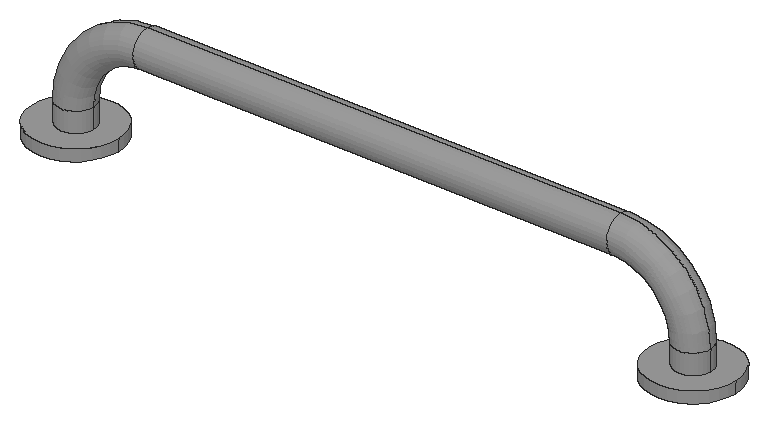
Revit family "ASH_Contour21_S6454_BIM_GB", category Plumbing Fixtures, host Face, Revit 2012
Parameters (values of type "S6454LJ")
  WaterEfficientProduct = no
  WarrantyStartDate = "n/a"
  WarrantyGuarantorParts = Company  # "Ideal Standard International Ltd"
  WarrantyDurationUnit = "Years"
  WarrantyDurationParts = "5"
  WarrantyDescription = "Manufacturers Warranty"
  WRAS = no
  VolumeUnits = "Litres"
  Version = "2"
  Uniclass2 = ""
  URL = "www.idealspec.co.uk"
  Type Comments = "n/a"
  TagNumber = "n/a"
  SustainabilityPerformance = "n/a"
  StandardsConformance = "DDA, Doc-M"
  SpareParts = "www.fastpart-spares.co.uk"
  Space = "Internal"
  Size = "mm x mm x mm"
  Shape = "Tubular"
  SerialNumber = "n/a"
  SendEnquiry = "http://www.idealspec.co.uk/contact-us.html"
  SalesInformation = "http://www.idealspec.co.uk/contact-us.html"
  RAL = "7005"
  ProductInformation = "http://www.idealspec.co.uk/assets/datasheet/S6454LJ"
  ProductDataSheet = "http://www.idealspec.co.uk/assets/datasheet/S6454LJ"
  PredefinedType = "grabrail"
  Phone = "01543 490 253"
  PartNumber = "S6454LJ"
  NominalWidth = 84 mm
  NominalLength = 600 mm
  NominalHeight = 117.5 mm
  NettWeight = "2Kg"
  Name = "GRABRAIL_ArmitageShanks-Contour21-Straight60cm_S6454"
  NBSTypeID = "n/a"
  NBSReference = ""
  NBSOfficeMasterTag = "n/a"
  NBSNote = "n/a"
  NBSDescription = ""
  NBSCertification = ""
  ModelReference = "S6454LJ"
  ModelNumber = "S6454LJ"
  Model = "S6454LJ"
  Material = "Aluminium"
  ManufacturerURL = "www.idealspec.co.uk"
  Manufacturer = Company  # "Ideal Standard International Ltd"
  MaintenanceInformation = "Productinfo@thebluebook.co.uk"
  LinearUnits = "mm"
  LRVValue = "20"
  InstallationInstructions = "http://www.idealspec.co.uk/resources.html"
  InstallationDate = "n/a"
  Help = "http://www.idealspec.co.uk/contact-us.html"
  GrossWeight = "n/a"
  Grade = "T6"
  Finish = "Powder Coated Aluminium Grey LJ"
  Features = "straight 60cm long x 35mm diameter Light Grey"
  ExpectedLife = "30"
  Email = "Productinfo@thebluebook.co.uk"
  ElementType = "GRAB RAIL: Safety device to aid maintaining balance, lessen fatigue and assist in supporting weight whilst maneuvering the body"
  ECA = no
  DurationUnit = "Years"
  DistributedBy = "n/a"
  Description = "Contour 21 grab rail straight 60cm long x 35mm diameter"
  Default Elevation = 1219.2 mm
  CurrentRevision = "1"
  CurrencyUnit = "n/a"
  CreatedOn = "2014-10-09"
  CreatedBy = Company  # "Ideal Standard International Ltd"
  Constituents = "n/a"
  ConnectionType = "Mechanical"
  ComponentNames = "n/a"
  Company = "Ideal Standard International Ltd"
  Colour = Powder Coated Aluminium Grey LJ
  CodePerformance = "n/a"
  Category = "Furniture_GRABRAIL_UK"
  Brand = "Armitage Shanks"
  BarCode = "5017830384564"
  BREEAM Approved = no
  BIMObjectName = "GRABRAIL_ArmitageShanks-Contour21-Straight60cm_S6454"
  Author = "Ideal Standard"
  AssetType = "Fixed"
  AssetIdentifier = "n/a"
  Assembly Code = "C1030200"
  AreaUnits = "mm"
  AreaMeasurement = "n/a"
  Accessories = "www.idealspec.co.uk"
  AccessibilityPerformance = "DDA Compliant"
Types (5, lengths in mm): name | RAL | ProductInformation | ProductDataSheet | PartNumber | ModelReference | ModelNumber | Model | Material | LRVValue | Grade | Finish | Features | Colour | BarCode
  S6454LI | "5011" | "http://www.idealspec.co.uk/assets/datasheet/S6454LI" | "http://www.idealspec.co.uk/assets/datasheet/S6454LI" | "S6454LI" | "S645436" | "S645436" | "S645436" | "Aluminium" | "27" | "T6" | "Powder Coated Aluminium Blue LI" | "straight 60cm long x 35mm diameter Blue" | Powder Coated Aluminium Blue LI | "5017830384885"
  S645401 | "9016" | "http://www.idealspec.co.uk/assets/datasheet/S645401" | "http://www.idealspec.co.uk/assets/datasheet/S645401" | "S645401" | "S6454AC" | "S6454AC" | "S6454AC" | "Alumnium" | "94" | "T6" | "Powder Coated Aluminium White 01" | "Straight 60cm Long x 35mm diameter" | Powder Coated Aluminium White 01 | "5017830383772"
  S6454LJ | "7005" | "http://www.idealspec.co.uk/assets/datasheet/S6454LJ" | "http://www.idealspec.co.uk/assets/datasheet/S6454LJ" | "S6454LJ" | "S6454LJ" | "S6454LJ" | "S6454LJ" | "Aluminium" | "20" | "T6" | "Powder Coated Aluminium Grey LJ" | "straight 60cm long x 35mm diameter Light Grey" | Powder Coated Aluminium Grey LJ | "5017830384564"
  S6454RN | "7016" | "http://www.idealspec.co.uk/assets/datasheet/S6454RN" | "http://www.idealspec.co.uk/assets/datasheet/S6454RN" | "S6454RN" | "S6454RN" | "S6454RN" | "S6454RN" | "Aluminium" | "9" | "T6" | "Powder Coated Aluminium Charcoal RN" | "straight 60cm long x 35mm diameter Charcoal" | Powder Coated Aluminium Charcoal RN | "5017830388425"
  S6454MY | "n/a" | "http://www.idealspec.co.uk/assets/datasheet/S6454MY" | "http://www.idealspec.co.uk/assets/datasheet/S6454MY" | "S6454MY" | "S6454MY" | "S6454MY" | "S6454MY" | "Stainless Steel" | "n/a" | "304" | "Polished" | "straight 60cm long x 35mm diameter Stainless Steel" | Stainless Steel MY | "5017830384243"
Reference planes
  plane 1 "Center (Front/Back)": y = 0
  plane 2: z = 0
  plane 3 "Center (Left/Right)": x = 0
  plane 4: x = 600
  plane 5: x = 300
  plane 6: z = 117.5
  plane 7: y = 42
  plane 8: y = -42
Forms (mm)
  Sweep 1, solid, material "Powder Coated Aluminium Grey LJ" <- "Colour", detail levels medium+fine
    path origin (0, 0, 0) x (1, 0, 0) y (0, 0, 1)
      loop
        line (600, 0) -> (600, 30)
        arc (600, 30) -> (579.497, 79.497) -> (530, 100) r 70
        line (530, 100) -> (70, 100)
        arc (70, 100) -> (20.503, 79.497) -> (0, 30) r 70
        line (0, 30) -> (0, 0)
    profile origin (600, 0, 15) x (-1, 0, 0) y (0, -1, 0)
      loop
        circle (0, 0) r 17.5
  Extrusion 2, solid, material "Powder Coated Aluminium Grey LJ" <- "Colour", detail levels medium+fine
    sketch origin (0, 0, 0) x (1, 0, 0) y (0, 1, 0)
      loop
        circle (0, 0) r 42
    from 0 to 11
  Extrusion 3, solid, material "Powder Coated Aluminium Grey LJ" <- "Colour", detail levels medium+fine
    sketch origin (600, 0, 0) x (-1, 0, 0) y (0, -1, 0)
      loop
        circle (0, 0) r 42
    from 0 to 11
Dimensions and locks
  "NominalLength": plane 3 "Center (Left/Right)" to plane 4
  equal spacing: plane 3 "Center (Left/Right)", plane 5, plane 4
  "NominalHeight": plane 6 to host face
  equal spacing: plane 7, plane 1 "Center (Front/Back)", plane 8, locked at 42 each
  "NominalWidth": plane 7 to plane 8
  aligned and locked: plane 2 to host face
  aligned and locked: level to host face
Automatic sketch dimensions
  host sketch curve to host sketch curve = 2438.4 mm  (x2)
  Sweep 1 sketch curve to level = 0 mm  (x2)
  Sweep 1 sketch curve to plane 3 "Center (Left/Right)" = 0 mm
  Sweep 1 sketch curve to plane 4 = 0 mm
  plane 3 "Center (Left/Right)" to Sweep 1 sketch curve = 70 mm
  level to Sweep 1 sketch curve = 30 mm
  Sweep 1 sketch curve to Sweep 1 sketch curve = 70 mm
  plane 1 "Center (Front/Back)" to Sweep 1 sketch curve = 0 mm
  Sweep 1 sketch curve to profile plane = 0 mm
  plane 1 "Center (Front/Back)" to Extrusion 2 sketch curve = 0 mm
  Extrusion 2 sketch curve to plane 3 "Center (Left/Right)" = 0 mm
  plane 1 "Center (Front/Back)" to Extrusion 3 sketch curve = 0 mm
  Extrusion 3 sketch curve to plane 4 = 0 mm
  radius of Sweep 1 sketch curve = 17.5 mm
  radius of Extrusion 2 sketch curve = 42 mm
  radius of Extrusion 3 sketch curve = 42 mm
